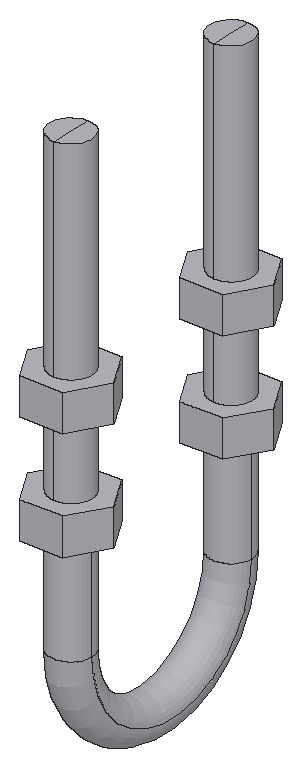
Revit family "7610S U-Bolt", category Pipe Accessories, Revit 2018
Family settings
  Round Connector Dimension = Use Diameter
  Part Type = Valve - Breaks Into
  Work Plane-Based = No
  Always vertical = Yes
  Cut with Voids When Loaded = No
  Shared = No
Parameters (values of type "7610S U-Bolt")
  Weight [instance] = size_lookup(LookupTable, "Weight", "NA", Nominal Diameter)  # "0.86 lbs."
  URL = "http://www.fnw.com"
  Standards Lookup Table = "Standards"  # constant formula
  R2 [instance] = C / 2  # 0.59375"
  R1 [instance] = D - E  # 0.4375"
  Product ID [instance] = size_lookup(LookupTable, "ProductID", "NA", Nominal Diameter)  # "4255157"
  Part Number [instance] = size_lookup(LookupTable, "PartNumber", "NA", Nominal Diameter)  # "FNW7610S0050"
  Nominal Diameter [instance] = 1/2"
  NR [instance] = size_lookup(NL, "nut_dia", 0.000", A)  # 0.4375"
  NL = "nut_hex_US"  # constant formula
  NH [instance] = size_lookup(NL, "nut_height", 0.000", A)  # 0.21875"
  LookupTable = "7610S U-Bolt"  # constant formula
  FM [instance] = F - (NH * 3)  # 1.46875"
  F [instance] = size_lookup(LookupTable, "F", 0.000", Nominal Diameter)  # 2.125"
  E [instance] = size_lookup(LookupTable, "E", 0.000", Nominal Diameter)  # 2.3125"
  Description BOM [instance] = size_lookup(LookupTable, "Description_BOM", "NA", Nominal Diameter)  # "1/2 Stainless Steel U Bolt With Double Hex NUT"
  D [instance] = size_lookup(LookupTable, "D", 0.000", Nominal Diameter)  # 2.750"
  C [instance] = size_lookup(LookupTable, "C", 0.000", Nominal Diameter)  # 1.1875"
  BR [instance] = (C - B) / 2  # 0.125"
  B [instance] = size_lookup(LookupTable, "B", 0.000", Nominal Diameter)  # 0.9375"
  A [instance] = size_lookup(LookupTable, "A", 0.000", Nominal Diameter)  # 0.250"
Reference planes (in)
  plane 1 "Center (Front/Back)": y = 0
  plane 2: z = 0
  plane 3 "Center (Left/Right)": x = 0
  plane 4: y = 0.59375
  plane 5: y = -0.59375
  plane 6: z = 2.75
  plane 7: y = -0.46875
  plane 8: y = 0.46875
  plane 9: z = 0.4375
  plane 10: z = -0.4375
  plane 11 "HH1": z = 0.625
  plane 12 "HH2": z = 1.28125
Forms (in)
  Revolve 1, solid, material "Steel, Stainless"
    sketch origin (0, 0, 0) x (0, 1, 0) y (0, 0, 1)
      loop
        line (-0.59375, 0.625) -> (-0.46875, 0.625) -> (-0.46875, 2.75) -> (-0.59375, 2.75) -> (-0.59375, 0.625)
      axis (-0.59375, 2.75) -> (-0.59375, 0.625)
    angle from 0 to 360
  Revolve 2, solid, material "Steel, Stainless"
    sketch origin (0, 0, 0) x (0, 1, 0) y (0, 0, 1)
      loop
        line (0.59375, 2.75) -> (0.46875, 2.75) -> (0.46875, 0.625) -> (0.59375, 0.625) -> (0.59375, 2.75)
      axis (0.59375, 2.75) -> (0.59375, 0.625)
    angle from 0 to 360
  Sweep 3, solid, material "Steel, Stainless"
    path in 3D
      loop
        line (0, -0.59375, 0.625) -> (0, -0.59375, 0)
        arc (0, -0.59375, 0) -> (0, 0, -0.59375) -> (0, 0.59375, 0) r 0.59375
        line (0, 0.59375, 0) -> (0, 0.59375, 0.625)
    profile origin (0, -0.59375, 0.3125) x (1, 0, 0) y (0, 1, 0)
      loop
        circle (0, 0) r 0.125
Lines and regions (in)
  model lines, not visible
    curve 1: line (0, -0.59375, 0.625) -> (0, -0.59375, 0)
    curve 2: line (0, 0.59375, 0.625) -> (0, 0.59375, 0)
    curve 3: arc (0, -0.59375, 0) -> (0, 0, -0.59375) -> (0, 0.59375, 0) r 0.59375
  sketch lines
    curve 4: line (0, -0.59375, 0.625) -> (0, -0.59375, 0)
    curve 5: arc (0, -0.59375, 0) -> (0, 0, -0.59375) -> (0, 0.59375, 0) r 0.59375
    curve 6: line (0, 0.59375, 0.625) -> (0, 0.59375, 0)
  model lines, style "center"
    curve 7: line (0, 0, 0.94979) -> (0, 0, -1.11496)
    curve 8: line (0, -0.59375, 0) -> (0, 0.59375, 0)
Dimensions and locks (in)
  equal spacing: plane 5, plane 1 "Center (Front/Back)", plane 4  (x2)
  plane 5 to plane 4 = 1.1875"
  "C": plane 5 to plane 4
  "D": plane 2 to plane 6
  equal spacing: plane 7, plane 1 "Center (Front/Back)", plane 8
  "B": plane 7 to plane 8
  "E": plane 9 to plane 6
  "R1": plane 2 to plane 10
  "F": plane 11 "HH1" to plane 6
  "FM": plane 12 "HH2" to plane 6
  "R2": radius of curve 3
  "BR": radius of Sweep 3 sketch curve
  aligned and locked: plane 2 to level
  aligned and locked: Revolve 1 sketch curve to plane 11 "HH1"
  aligned and locked: plane 7 to Revolve 1 sketch curve
  aligned and locked: Revolve 1 sketch curve to plane 5  (x2)
  aligned and locked: Revolve 1 sketch curve to plane 6
  aligned and locked: plane 4 to Revolve 2 sketch curve
  aligned and locked: Revolve 2 sketch curve to plane 6
  aligned and locked: Revolve 2 sketch curve to plane 4
  aligned and locked: Revolve 2 sketch curve to plane 11 "HH1"
  aligned and locked: Revolve 2 sketch curve to plane 8
  aligned and locked: plane 11 "HH1" to curve 2
  aligned and locked: plane 2 to curve 2
  aligned and locked: plane 11 "HH1" to curve 1
  aligned and locked: nested 4 to plane 5
  aligned and locked: nested 2 to plane 5
  aligned and locked: plane 4 to nested 3
  aligned and locked: plane 4 to nested 1
  aligned and locked: curve 8 to plane 2
Automatic sketch dimensions
  plane 11 "HH1" to Revolve 1 sketch curve = 0.28333"
  Revolve 1 sketch curve to plane 6 = 0.09198"
  plane 9 to Revolve 2 sketch curve = 0.1403"
  Revolve 2 sketch curve to Revolve 2 sketch curve = 0.09198"
  curve 1 to plane 5 = 0.000"
  curve 7 to plane 1 "Center (Front/Back)" = 0.000"
  plane 10 to curve 7 = 0.67746"
  plane 11 "HH1" to curve 7 = 0.32479"
  profile plane to Sweep 3 sketch curve = 0.000"
  Sweep 3 sketch curve to profile plane = 0.000"
Nested families (in)
  nested 1: "nest hex nut" at (0, 0.59375, 0.625), BHX1 <- "NH", SCD3 <- "NR", type "nest hex nut"
    with Weight "", SCR3 0.21875", SCD3 0.4375", Product ID "", Part Number "", Nominal Diameter 1/2", Description BOM "", Center of Hex 12.000", BHX1 0.21875"
  nested 2: "nest hex nut" at (0, -0.59375, 0.625), BHX1 <- "NH", SCD3 <- "NR", type "nest hex nut"
    with Weight "", SCR3 0.21875", SCD3 0.4375", Product ID "", Part Number "", Nominal Diameter 1/2", Description BOM "", Center of Hex 12.000", BHX1 0.21875"
  nested 3: "nest hex nut" at (0, 0.59375, 1.28125), BHX1 <- "NH", SCD3 <- "NR", type "nest hex nut"
    with Weight "", SCR3 0.21875", SCD3 0.4375", Product ID "", Part Number "", Nominal Diameter 1/2", Description BOM "", Center of Hex 12.000", BHX1 0.21875"
  nested 4: "nest hex nut" at (0, -0.59375, 1.28125), BHX1 <- "NH", SCD3 <- "NR", type "nest hex nut"
    with Weight "", SCR3 0.21875", SCD3 0.4375", Product ID "", Part Number "", Nominal Diameter 1/2", Description BOM "", Center of Hex 12.000", BHX1 0.21875"
Definition of nested family "nest hex nut"
  Parameters (values of type "nest hex nut")
    Weight [instance] = ""
    URL = "http://www.fnw.com"
    Standards Lookup Table = "Standards"  # constant formula
    SCR3 [instance] = SCD3 / 2  # 0.500"
    SCD3 [instance] = 1.000"
    Product ID [instance] = ""
    Part Number [instance] = ""
    Nominal Diameter [instance] = 1/2"
    LookupTable = ""
    Description BOM [instance] = ""
    Default Elevation = 48.000"
    Center of Hex [instance] = 12.000"
    BHX1 [instance] = 0.70262"
    120 = 120.00°
  Reference planes (in)
    plane 1 "Center (Front/Back)": y = 0
    plane 2: z = 0
    plane 3 "Center (Left/Right)": x = 0
    plane 4: z = 0.70262
    plane 5: x = 0
  Forms (in)
    Extrusion 1, solid
      sketch origin (-12, 0, 0) x (1, 0, 0) y (0, 1, 0)
        loop
          line (12.57735, 0) -> (12.28868, 0.5) -> (11.71132, 0.5) -> (11.42265, 0) -> (11.71132, -0.5) -> (12.28868, -0.5) -> (12.57735, 0)
      from 0 to 0.70262
  Dimensions and locks (in)
    "BHX1": plane 4 to plane 2
    equal spacing: Extrusion 1 sketch curve, plane 5, Extrusion 1 sketch curve  (x2)
    equal spacing: Extrusion 1 sketch curve, plane 1 "Center (Front/Back)", Extrusion 1 sketch curve
    "SCD3": Extrusion 1 sketch curve to Extrusion 1 sketch curve  (x3)
    "120": angle Extrusion 1 sketch curve to Extrusion 1 sketch curve  (x5)
    aligned and locked: plane 2 to level
    aligned and locked: Extrusion 1 to plane 4
    aligned and locked: Extrusion 1 to plane 2
